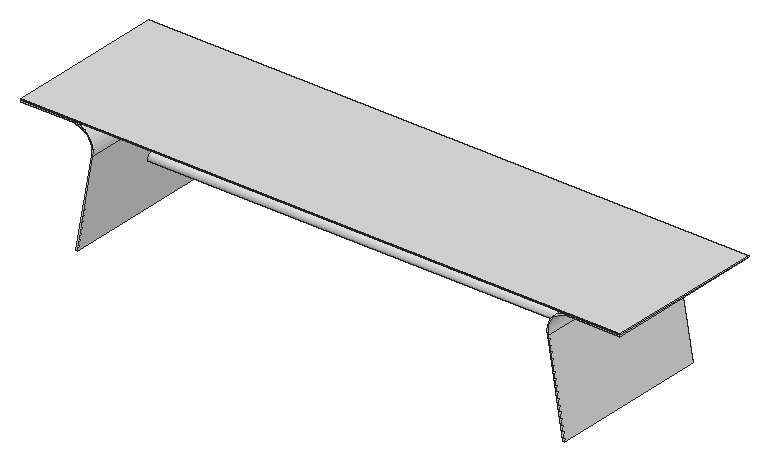
Revit family "Inari Panca-LivingDivani", category Furniture, Revit 2014
Parameters (values of type "150x40")
  URL = "http://www.livingdivani.it"
  Model = "Inari"
  Mat. Struttura = Steel, Polished
  Manufacturer = "LivingDivani"
  Codice prodotto = "INAP150"
Reference planes (cm)
  plane 1 "Centro (Fronte/Retro)": y = 0
  plane 2: z = 0
  plane 3: x = -82.1566
Forms (cm)
  Extrusion 1, solid, material "Steel, Polished" <- "Mat. Struttura"
    sketch origin (-164.3132, 5.7683, 28.7) x (1, 0, 0) y (0, 1, 0)
      loop
        line (7.1566, 14.2317) -> (7.1566, -25.7683) -> (157.1566, -25.7683) -> (157.1566, 14.2317) -> (7.1566, 14.2317)
    from 0 to 0.3
  Extrusion 2, solid, material "Steel, Polished" <- "Mat. Struttura"
    sketch origin (-82.1566, 20, -104.5137) x (1, 0, 0) y (0, 0, 1)
      loop
        line (-75, 133.2137) -> (-75, 132.9137) -> (-62, 132.9137)
        arc (-62, 132.9137) -> (-58.1698, 131.1276) -> (-57.076, 127.0455) r 5
        line (-57.076, 127.0455) -> (-61.0397, 104.5658) -> (-60.7443, 104.5137) -> (-56.7805, 126.9934)
        arc (-56.7805, 126.9934) -> (-57.94, 131.3205) -> (-62, 133.2137) r 5.3
        line (-62, 133.2137) -> (-75, 133.2137)
    from 0 to 40
  Extrusion 3, solid, material "Steel, Polished" <- "Mat. Struttura"
    sketch origin (-82.1566, 20, -104.5137) x (-1, 0, 0) y (0, 0, -1)
      loop
        line (-75, -133.2137) -> (-62, -133.2137)
        arc (-62, -133.2137) -> (-57.94, -131.3205) -> (-56.7805, -126.9934) r 5.3
        line (-56.7805, -126.9934) -> (-60.7443, -104.5137) -> (-61.0397, -104.5658) -> (-57.076, -127.0455)
        arc (-57.076, -127.0455) -> (-58.1698, -131.1276) -> (-62, -132.9137) r 5
        line (-62, -132.9137) -> (-75, -132.9137) -> (-75, -133.2137)
    from 0 to 40
  Extrusion 4, solid, material "Steel, Polished" <- "Mat. Struttura"
    sketch origin (0, 0.15, -104.5137) x (1, 0, 0) y (0, 0, 1)
      loop
        line (-138.9371, 126.9934) -> (-139.2732, 125.0872)
        arc (-139.2732, 125.0872) -> (-138.329, 126.1712) -> (-137.829, 127.5191) r 4
        line (-137.829, 127.5191) -> (-137.584, 128.9083)
        arc (-137.584, 128.9083) -> (-136.216, 131.2779) -> (-133.6448, 132.2137) r 4
        line (-133.6448, 132.2137) -> (-30.6684, 132.2137)
        arc (-30.6684, 132.2137) -> (-28.0972, 131.2779) -> (-26.7292, 128.9083) r 4
        line (-26.7292, 128.9083) -> (-26.4842, 127.5191)
        arc (-26.4842, 127.5191) -> (-25.9842, 126.1712) -> (-25.04, 125.0872) r 4
        line (-25.04, 125.0872) -> (-25.3761, 126.9934)
        arc (-25.3761, 126.9934) -> (-24.2166, 131.3205) -> (-20.1566, 133.2137) r 5.3
        line (-20.1566, 133.2137) -> (-144.1566, 133.2137)
        arc (-144.1566, 133.2137) -> (-140.0966, 131.3205) -> (-138.9371, 126.9934) r 5.3
    from 0 to 0.3
  Extrusion 5, solid, material "Steel, Polished" <- "Mat. Struttura"
    sketch origin (-7.1566, -116.7967, 106.9955) x (0, 0, 1) y (0, 1, 0)
      loop
        circle (-93.6566, 116.7137) r 1.1
    from 16.2129 to 133.7871
  Extrusion 6, void
    sketch origin (0, 20, -104.5137) x (1, 0, 0) y (0, 0, 1)
      loop
        line (-141.1527, 124.0794) -> (-144.5513, 104.8047) -> (-142.9009, 104.5137) -> (-139.4509, 124.0794) -> (-141.1527, 124.0794)
      loop
        line (-21.2363, 124.0794) -> (-24.8623, 124.0794) -> (-21.4123, 104.5137) -> (-17.8957, 105.1338) -> (-21.2363, 124.0794)
    from 0 to 40
Cuts and joins
  Extrusion 6 cuts Extrusion 5
Dimensions and locks (cm)
  aligned and locked: level to plane 2
